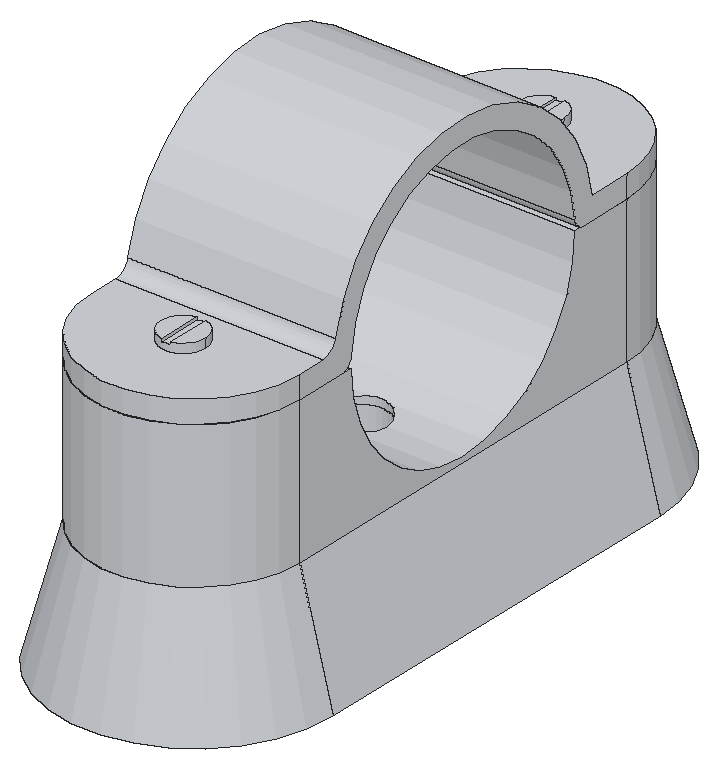
Revit family "HOSP1G", category Generic Models, Revit 2017
Family settings
  Can host rebar = No
  Round Connector Dimension = Use Diameter
  Part Type = Normal
  Work Plane-Based = Yes
  Always vertical = No
  Cut with Voids When Loaded = No
  Shared = No
  Room Calculation Point = No
Parameters (values of type "NBS Standard Parameters")
  weight = "0.1005Kg"
  WarrantyStartDate [instance] = "1900-12-31T23:59:59"
  WarrantyGuarantorParts = "n/a"
  WarrantyGuarantorLabor = "n/a"
  WarrantyDurationUnit = "1 year"
  WarrantyDurationParts = "n/a"
  WarrantyDurationLabor = "n/a"
  WarrantyDescription = "n/a"
  Version = "1"
  Uniclass2 = "Pr_65_70_11_20"
  TagNumber [instance] = "n/a"
  SustainabilityPerformance = "n/a"
  Size = "20mm"
  Shape = "n/a"
  SerialNumber [instance] = "n/a"
  Revision = "n/a"
  ReplacementCost = "n/a"
  ProductInformation = "www.metpro.co.uk/pdf/hosp1g.pdf"
  NominalWidth = 29.5 mm
  NominalLength = 61 mm
  NominalHeight = 31 mm
  Name = ""
  NBSTypeID = ""
  NBSReference = "90-55-10/460"
  NBSOfficeMasterTag = ""
  NBSNote = ""
  NBSDescription = "Conduit Fittings"
  NBSCertification = ""
  ModelReference = "HOSP1G"
  ModelNumber = "n/a"
  Material = "Cast Body, Pressed Steel Strap"
  ManufacturerURL = "www.metpro.co.uk"
  ManufacturerName = "Metpro Ltd"
  Keynote = "Compliant to LU standard 1-085"
  InstallationDate [instance] = "1900-12-31T23:59:59"
  IfcExportType = ""
  IfcExportAs = ""
  Grade = "Galvanised"
  Finish = "n/a"
  Features = "n/a"
  ExpectedLife = "n/a"
  DurationUnit = "year"
  Description = "HOSP1G - 20mm Hospital Saddle"
  Default Elevation = 1219.2 mm
  Constituents = "n/a"
  Color = "n/a"
  CodePerformance = "n/a"
  Category = "n/a"
  BarCode [instance] = "n/a"
  BIMObjectName = "Metpro_metprolibrary_conduitfittings_metalcomponents_steelaccessories"
  Author = "Metpro Limited"
  AssetType = ""
  AssetIdentifier [instance] = "n/a"
  AccessibilityPerformance = "n/a"
Reference planes
  plane 1 "Center (Front/Back)": y = 0
  plane 2: z = 0
  plane 3 "Center (Left/Right)": x = 0
Forms (mm)
  Extrusion 1, solid
    sketch origin (-146.896, 30.594, 2) x (1, 0, 0) y (0, 1, 0)
      loop
        line (13.857, 17.586) -> (13.857, -18.914)
        arc (13.857, -18.914) -> (23.107, -28.164) -> (32.357, -18.914) r 9.25
        line (32.357, -18.914) -> (32.357, 17.586)
        arc (32.357, 17.586) -> (23.107, 26.836) -> (13.857, 17.586) r 9.25
    from 2.016 to 15
  Extrusion 2, solid
    sketch origin (-115.039, 13.179, 2) x (0, 1, 0) y (0, 0, 1)
      loop
        arc (29.174, 15.954) -> (29.491, 15.295) -> (30.171, 15.028) r 1
        line (30.171, 15.028) -> (44.208, 15.028) -> (44.208, 17.028) -> (31.07, 17.028)
        arc (31.07, 17.028) -> (17.263, 29.517) -> (2.542, 18.12) r 14.5
        arc (2.542, 18.12) -> (2.056, 17.335) -> (1.185, 17.028) r 1.389
        line (1.185, 17.028) -> (-10.792, 17.028) -> (-10.792, 15.028) -> (3.245, 15.028)
        arc (3.245, 15.028) -> (3.926, 15.295) -> (4.243, 15.954) r 1
        arc (4.243, 15.954) -> (16.708, 27.528) -> (29.174, 15.954) r 12.5
    from -20.24 to 2.343
  Extrusion 3, solid
    sketch origin (-115.039, 40.594, 19) x (0, 1, 0) y (-1, 0, 0)
      loop
        circle (10, 9) r 2
      loop
        circle (-30, 9) r 2
    from 0 to 0.8
  Extrusion 4, void
    sketch origin (-115.039, 40.594, 19.8) x (-1, 0, 0) y (0, 1, 0)
      loop
        line (9.313, 7.297) -> (9.313, 12.948) -> (8.52, 12.948) -> (8.52, 7.297) -> (9.313, 7.297)
      loop
        line (9.313, -27.126) -> (8.52, -27.126) -> (8.52, -32.776) -> (9.313, -32.776) -> (9.313, -27.126)
    from 0 to 0.2
  Extrusion 5, void
    sketch origin (-114.539, 48.179, 2) x (0, 1, 0) y (0, 0, -1)
      loop
        circle (-18.25, -15) r 12.503
    from 0 to 18.5
  Extrusion 6, void
    sketch origin (-146.896, 30.594, 4.016) x (1, 0, 0) y (0, 1, 0)
      loop
        arc (32.357, 17.586) -> (23.107, 26.836) -> (13.857, 17.586) r 9.25
        line (13.857, 17.586) -> (13.857, -18.914)
        arc (13.857, -18.914) -> (23.107, -28.164) -> (32.357, -18.914) r 9.25
        line (32.357, -18.914) -> (32.357, 17.586)
      loop
        line (36.96, 30.69) -> (6.96, 30.69) -> (6.96, -32.268) -> (36.96, -32.268) -> (36.96, 30.69)
    from 0 to 36.339
  Extrusion 7, void
    sketch origin (-146.896, 30.594, 4.016) x (1, 0, 0) y (0, 1, 0)
      loop
        circle (23.107, -0.664) r 2.5
    from -11.69 to 2.552
  Blend 8, solid
    base sketch origin (-146.896, 30.594, 4.016) x (0, 1, 0) y (-1, 0, 0)
      loop
        arc (17.586, -32.357) -> (26.836, -23.107) -> (17.586, -13.857) r 9.25
        line (17.586, -13.857) -> (-18.914, -13.857)
        arc (-18.914, -13.857) -> (-28.164, -23.107) -> (-18.914, -32.357) r 9.25
        line (-18.914, -32.357) -> (17.586, -32.357)
    top sketch origin (-146.896, 30.594, 4.016) x (0, 1, 0) y (-1, 0, 0)
      loop
        arc (17.586, -35.357) -> (29.836, -23.107) -> (17.586, -10.857) r 12.25
        line (17.586, -10.857) -> (-18.914, -10.857)
        arc (-18.914, -10.857) -> (-31.164, -23.107) -> (-18.914, -35.357) r 12.25
        line (-18.914, -35.357) -> (17.586, -35.357)
    from 0 to -11.2
  Extrusion 9, void
    sketch origin (-146.896, 30.594, -7.184) x (0, 1, 0) y (-1, 0, 0)
      loop
        circle (-0.664, -23.107) r 2.5
    from 0 to 26.984
Cuts and joins
  Extrusion 4 cuts Extrusion 3
  Extrusion 5, Extrusion 6, Extrusion 7, Extrusion 9 cuts Extrusion 1
  Extrusion 6, Extrusion 7, Extrusion 9 cuts Extrusion 2
  Extrusion 9 cuts Blend 8
Dimensions and locks
  aligned and locked: level to plane 2
